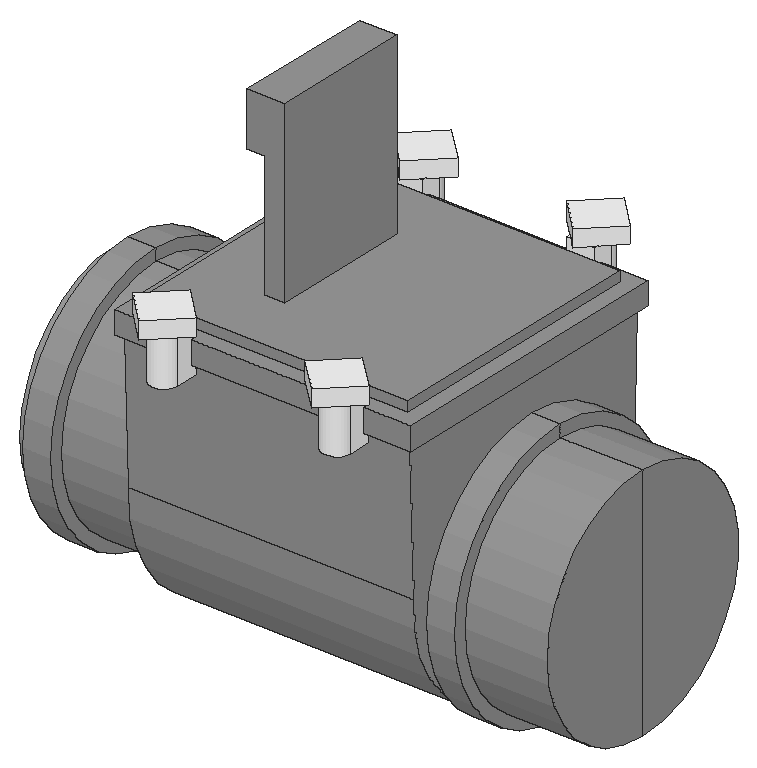
Revit family "HL_Механический канализационный затвор_HL715.1", category Příslušenství trubek, Revit 2016
Family settings
  Typ součásti = Normální
  Kóta kulaté spojky = Použít průměr
  Číslo OmniClass = 23.65.55.14.21
  Nadpis OmniClass = Non-Return Valves for Liquid Services
  Založené na pracovní rovině = Ne
  Vždy vertikální = Ano
  Ořezat dutým tvarem při načtení = Ne
  Sdílené = Ne
Parameters
  РАЗМЕР = "DN160"
  ПРОПУСКНАЯ СПОСОБНОСТЬ [instance] = 0.0 m³/h
  ПРАВОВАЯ ИНФОРМАЦИЯ = "\"Copyright (©), design rights or any other intellectual property rights, shall be the exclusive property of HL Hutterer & Lechner GmbH. Modification is not allowed. Family has been watermarked.\""
  ПАДЕНИЕ ДАВЛЕНИЯ [instance] = 0.0 Pa
  НОМИНАЛЬНЫЙ ДИАМЕТР 2 = 160 mm
  НОМИНАЛЬНЫЙ ДИАМЕТР = 160 mm
  МАТЕРИАЛ = "ABS"
  ВЫСОТА МОНТАЖА = "355 mm"
  ВЕС = "2,927 kg"
  Výrobce = "HL Hutterer & Lechner GmbH"
  URL = "http://www.hutterer-lechner.com/en/products/catalog/roof-drains/HL715.1.aspx"
  Description = "Anti flood valves"
  Model = "HL715.1"
  Type Comments = "anti-flood valve DN160 with stainless steel flap and manual blocking"
  Keynote = "HL715.1"
  EAN = "9003076971510"
  Cena = 0
Types (2, lengths in mm): name | ПРАВОВАЯ ИНФОРМАЦИЯ | URL | Description | Type Comments
  (no name) | "\"Copyright (©), design rights or any other intellectual property rights, shall be the exclusive property of HL Hutterer & Lechner GmbH. Modification is not allowed. Family has been watermarked.\"" | "http://www.hutterer-lechner.com/en/products/catalog/roof-drains/HL715.1.aspx" | "Anti flood valves" | "anti-flood valve DN160 with stainless steel flap and manual blocking"
  HL_Механический канализационный затвор_HL715.1 | "\"Авторские права(©), права на дизайн или какие либо другие права интелектуальной собственности являются исключительной собственностью компании HL Hutterer & Lechner. Изменению не подлежит. Файл семейства с данными о прозводителе изделия защищен паролем с водяным знаком.\"" | "http://www.hutterer-lechner.com/ru/products/catalog/roof-drains/HL715.1.aspx" | "Механический канализационный затвор" | "Механический магистральный канализационный затвор DN160 с заслонкой из нержавеющей стали и ручным затвором."
Reference planes
  plane 1 "Střed (vpředu/vzadu)": y = 0
  plane 2: z = 0
  plane 3 "Střed (vlevo/vpravo)": x = 0
Forms (mm)
  Sweep 1, solid, material "Plastic - Orange", detail levels fine
    path origin (106.443, 0, 126.9) x (1, 0, 0) y (0, 0, 1)
      loop
        line (101.5, -24) -> (-101.443, -24)
    profile origin (106.471, 0, 102.9) x (0, 0, -1) y (0, -1, 0)
      loop
        line (-0.5, 0) -> (-0.5, -101.455) -> (99.02, -97.98)
        arc (99.02, -97.98) -> (171.687, -71.286) -> (201.874, 0) r 97.308
        arc (201.874, 0) -> (171.687, 71.286) -> (99.02, 97.98) r 97.308
        line (99.02, 97.98) -> (-0.5, 101.455) -> (-0.5, 0)
  Extrusion 2, solid, material "Plastic - Orange", detail levels fine
    sketch origin (207.943, 0, 103.4) x (-1, 0, 0) y (0, -1, 0)
      loop
        line (-4.2, 105.7) -> (-4.2, -105.7) -> (207.2, -105.7) -> (207.2, 105.7) -> (-4.2, 105.7)
    from 0 to 16.5
  Extrusion 3, solid, material "Plastic - Orange", detail levels fine
    sketch origin (207.943, 0, 119.9) x (-1, 0, 0) y (0, -1, 0)
      loop
        line (196, -94.5) -> (196, 94.5) -> (7, 94.5) -> (7, -94.5) -> (196, -94.5)
    from 0 to 7
  Extrusion 4, solid, material "Plactic - White", detail levels fine
    sketch origin (106.443, 0, 126.9) x (1, 0, 0) y (0, 1, 0)
      loop
        line (71.5, -101.158) -> (51.5, -101.158) -> (51.5, -116.5)
        arc (51.5, -116.5) -> (61.5, -126.5) -> (71.5, -116.5) r 10
        line (71.5, -116.5) -> (71.5, -101.158)
    from -32 to 3.735
  Extrusion 5, solid, material "Plactic - White", detail levels fine
    sketch origin (106.443, 0, 130.635) x (1, 0, 0) y (0, 1, 0)
      loop
        line (84.127, -116.5) -> (61.5, -93.873) -> (38.873, -116.5) -> (61.5, -139.127) -> (84.127, -116.5)
    from 0 to 12
  Extrusion 6, solid, material "Plactic - White", detail levels fine
    sketch origin (-16.557, 0, 126.9) x (1, 0, 0) y (0, 1, 0)
      loop
        line (71.5, -101.158) -> (51.5, -101.158) -> (51.5, -116.5)
        arc (51.5, -116.5) -> (61.5, -126.5) -> (71.5, -116.5) r 10
        line (71.5, -116.5) -> (71.5, -101.158)
    from -32 to 3.735
  Extrusion 7, solid, material "Plactic - White", detail levels fine
    sketch origin (-16.557, 0, 130.635) x (1, 0, 0) y (0, 1, 0)
      loop
        line (84.127, -116.5) -> (61.5, -93.873) -> (38.873, -116.5) -> (61.5, -139.127) -> (84.127, -116.5)
    from 0 to 12
  Extrusion 8, solid, material "Plactic - White", detail levels fine
    sketch origin (106.443, 0, 126.9) x (1, 0, 0) y (0, 1, 0)
      loop
        line (71.5, 101.158) -> (71.5, 116.5)
        arc (71.5, 116.5) -> (61.5, 126.5) -> (51.5, 116.5) r 10
        line (51.5, 116.5) -> (51.5, 101.158) -> (71.5, 101.158)
    from -32 to 3.735
  Extrusion 9, solid, material "Plactic - White", detail levels fine
    sketch origin (106.443, 0, 130.635) x (1, 0, 0) y (0, 1, 0)
      loop
        line (84.127, 116.5) -> (61.5, 139.127) -> (38.873, 116.5) -> (61.5, 93.873) -> (84.127, 116.5)
    from 0 to 12
  Extrusion 10, solid, material "Plactic - White", detail levels fine
    sketch origin (-16.557, 0, 126.9) x (1, 0, 0) y (0, 1, 0)
      loop
        line (71.5, 101.158) -> (71.5, 116.5)
        arc (71.5, 116.5) -> (61.5, 126.5) -> (51.5, 116.5) r 10
        line (51.5, 116.5) -> (51.5, 101.158) -> (71.5, 101.158)
    from -32 to 3.735
  Extrusion 11, solid, material "Plactic - White", detail levels fine
    sketch origin (-16.557, 0, 130.635) x (1, 0, 0) y (0, 1, 0)
      loop
        line (84.127, 116.5) -> (61.5, 139.127) -> (38.873, 116.5) -> (61.5, 93.873) -> (84.127, 116.5)
    from 0 to 12
  Sweep 12, solid, material "Plastic - Orange", not visible, detail levels fine
    path origin (106.443, 0, 126.9) x (1, 0, 0) y (0, 0, 1)
      loop
        line (186.5, -58.4) -> (101.5, -58.4)
    profile origin (250.443, 0, 68.5) x (0, 0, -1) y (0, -1, 0)
      loop
        circle (80, 0) r 80
  Revolve 13, solid, material "Plastic - Orange", detail levels fine
    sketch origin (106.443, 0, 126.9) x (1, 0, 0) y (0, 0, 1)
      loop
        line (-189.5, -126.9) -> (-101.443, -126.9) -> (-101.443, -41.9) -> (-160.5, -41.9) -> (-160.5, -33.366) -> (-180.5, -33.366) -> (-180.5, -41.9) -> (-189.5, -41.9) -> (-189.5, -126.9)
      axis (-101.443, -126.9) -> (-189.5, -126.9)
    angle from 0 to 360
  Extrusion 14, solid, material "Plastic - Red", detail levels fine
    sketch origin (153.691, 0, 126.9) x (1, 0, 0) y (0, 0, 1)
      loop
        line (-76.248, 127) -> (-102.748, 127) -> (-102.748, 89) -> (-90.248, 89) -> (-90.248, 0) -> (-76.248, 0) -> (-76.248, 127)
    from -50 to 50
  Revolve 15, solid, material "Plastic - Orange", detail levels fine
    sketch origin (394.386, 0, 115.4) x (1, 0, 0) y (0, 0, 1)
      loop
        line (-186.443, -126.9) -> (-101.443, -126.9) -> (-101.443, -41.9) -> (-160.5, -41.9) -> (-160.5, -33.366) -> (-180.5, -33.366) -> (-180.5, -41.9) -> (-186.443, -41.9) -> (-186.443, -126.9)
      axis (-101.443, -126.9) -> (-186.443, -126.9)
    angle from 0 to 360
Lines and regions (mm)
  model lines, style "Symbol", detail levels coarse+medium
    curve 1: line (0, 0, 0) -> (292.943, 0, -11.5)
    curve 2: line (271.471, 0, -65.75) -> (271.471, 0, 54.25)
    curve 3: line (271.471, 0, 54.25) -> (21.471, 0, 54.25)
    curve 4: line (21.471, 0, -65.75) -> (21.471, 0, 54.25)
    curve 13: line (271.471, 0, -65.75) -> (21.471, 0, -65.75)
  symbolic lines, style "Symbol", detail levels coarse+medium
    curve 5: line (292.943, 0, 0) -> (0, 0, 0)
    curve 6: line (271.471, -60, 0) -> (271.471, 60, 0)
    curve 7: line (271.471, 60, 0) -> (21.471, 60, 0)
    curve 8: line (21.471, -60, 0) -> (21.471, 60, 0)
    curve 9: line (146.471, -105, 0) -> (146.471, 105, 0)
    curve 10: line (271.471, -60, 0) -> (21.471, -60, 0)
  model lines, detail levels coarse+medium
    curve 11: line (146.471, 0, -5.75) -> (146.471, 0, 99.25)
    curve 12: line (146.471, 0, -110.75) -> (146.471, 0, -5.75)
Dimensions and locks
  aligned and locked: level to plane 2
Connectors
  piping at (0, 0, 0), diameter 160, driven by "ПАДЕНИЕ ДАВЛЕНИЯ", driven by "НОМИНАЛЬНЫЙ ДИАМЕТР", driven by "ПРОПУСКНАЯ СПОСОБНОСТЬ"
    settings: on plane 3 "Střed (vlevo/vpravo)", index 1, connector inside diameter 609.6 mm, connector length 0 mm, flow factor 0, pipe flow 0.0 m³/h, pressure drop 0.0 Pa, fitting loss kfactor 0, connector angle 0.00°, fixture units 0, engagement length 0 mm, angle of deflection 0.00°, flow configuration 0, flow direction 0, fitting loss method 4, system type 16, joint type 0, gender type 0, connector reference index -1, connector utility 0, adjustable connector no, is connector primary yes, connector description ""
  piping at (292.943, 0, -11.5), diameter 160, driven by "НОМИНАЛЬНЫЙ ДИАМЕТР 2", driven by "ПРОПУСКНАЯ СПОСОБНОСТЬ"
    settings: on Sweep 12, index 2, connector inside diameter 609.6 mm, connector length 0 mm, flow factor 0, pipe flow 0.0 m³/h, pressure drop 0.0 Pa, fitting loss kfactor 0, connector angle 0.00°, fixture units 0, engagement length 0 mm, angle of deflection 0.00°, flow configuration 1, flow direction 2, fitting loss method 4, system type 16, joint type 0, gender type 0, connector reference index -1, connector utility 0, adjustable connector no, is connector primary no, connector description ""
